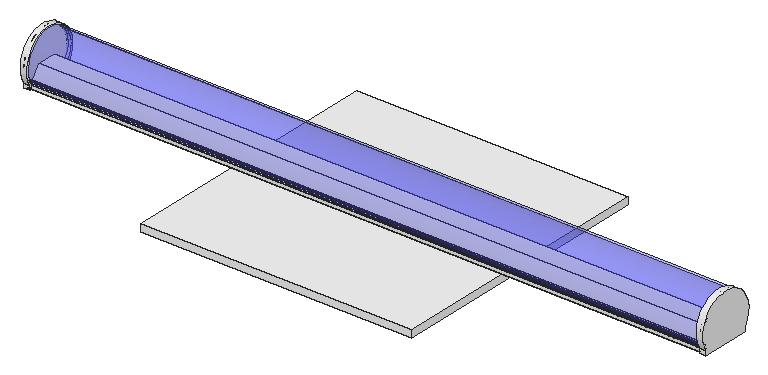
Revit family "BE_50216.1_de_DE", category Leuchten, Revit 2015
Parameters (values of type "BEGA_50216.1_K4")
  built-in parameter 1150104 = 16.36 (stored number, unit not read)
  Wattage = 35.2 W
  Default Elevation = 0 mm
  built-in parameter 1150113 = 1 (stored number, unit not read)
  built-in parameter 1114218 = 1 (stored number, unit not read)
  Umgebungstemperatur = "25 °C"
  URL = "http://www.bega.de/produkt/50216.1"
  Typenkommentare = "© 2017 BEGA. Wir behalten uns das Recht vor, technische Änderungen ohne vorherige Ankündigung vorzunehmen."  # constant formula
  built-in parameter 1150134 = 12
  built-in parameter 1150109 = 1 (stored number, unit not read)
  Strom = ""
  built-in parameter 1150110 = 1 (stored number, unit not read)
  Spannung = 239.996 V
  Sonderanfertigung = no
  Seriennummer [instance] = "Hier können Sie die eindeutige Seriennummer für das Facility Management eintragen."
  Schutzklasse = "I"
  Schutzart = ""
  Scheinlast = 0 VA
  Produktdatenblatt = "http://www.bega.de/download/Xrfa/db/50216.1.db.de.pdf"
  Oberflächentemperatur = ""
  Neigungswinkel = 0.00°
  Modell = "50216.1K4"
  Material_17 = BEGA_Reflektor
  Material_15 = BEGA_Leuchtmedium_matt
  Material_14 = BEGA_Kunststoff_opal
  Material_11 = BEGA_Glas_opal
  Material_09 = BEGA_Glas_klar
  Material_06 = BEGA_Oberfläche_Edelstahl_gebürstet
  Material_05 = BEGA_Oberfläche_Aluminium Guss
  Material_03 = BEGA_Oberfläche_Weiss_matt
  Material_02 = BEGA_Oberfläche_Silber_matt
  Material_01 [instance] = BEGA_Oberfläche_Grafit_matt
  M_W = no
  M_G = no
  M_A = no
  Logo = 0
  built-in parameter 1114217 = 1 (stored number, unit not read)
  built-in parameter 1150139 = (empty or 0)
  built-in parameter 1150105 = 493.28 (stored number, unit not read)
  built-in parameter 1150114 = 1 (stored number, unit not read)
  Lumens = 6198.72 lm
  built-in parameter 1150115 = 1 (stored number, unit not read)
  Leuchtenlichtstrom = "5327 lm"
  Leuchtenanzahl = ""
  Lebensdauerkriterien = "L70B50 @ 25 °C = 331000 h"
  Lastklassifizierung = Beleuchtung
  built-in parameter 1150112 = 1 (stored number, unit not read)
  Lampenlichtstrom = "6200 lm"
  Lampe = "LED 35.2 W"
  LED_Modulbezeichnung = "4x LED-0694/940 "
  Hersteller = "BEGA"  # constant formula
  Halbstreuwinkel = ""
  Gewicht = "2.7 kg"
  Gebrauchslageneinschränkung [instance] = ""
  Frequenz = "0/50-60 Hz"
  Farbwiedergabeindex = "Ra > 90"
  Farbtemperaturverschiebung bei Dämpfen der Lampe = <Keine Auswahl>
  Farbtemperatur = "4000 K"
  Color Filter = 16777215
  built-in parameter 1150133 = 10 (stored number, unit not read)
  Energieeffizienzklasse = "LED A++ - A"
  built-in parameter 1150137 = (empty or 0)
  built-in parameter 1150132 = (empty or 0)
  ENEC = ""
  Dimmbar [instance] = "DALI"
  Datei für fotometrisches Netz = "BE_50216K4.IES"
  CE_Konformität = "ja"
  Bestellnummer = "50216.1K4"
  Beschreibung_Sonderanfertigung = "Hier können Sie Informationen zur Sonderanfertigung eintragen."
  Beschreibung = "Decken- und Wandleuchte"
  built-in parameter 1150106 = 4.9328 (stored number, unit not read)
  Befestigungsbohrung = "Ø 5,5 mm"
  Befestigungsabstand = "900 mm"
  Ballwurfsicher = ""
  BEGA_Intern_aus = yes
  BEGA_Intern_an = yes
  BEGA_Intern_Konstruktion = yes
  BEGA_Intern = yes
  BEGA_IES = yes
  BEGA_Dummy = no
  Anschlussleitung = ""
  Anschlussleistung [instance] = "41 W"
  Anschlusskasten = ""
  built-in parameter 1150107 = 4000 (stored number, unit not read)
  built-in parameter 1150102 = (empty or 0)
  built-in parameter 1150138 = (empty or 0)
  Aktualisierung = "2017-09-29T04:10:01"
  Abstand_zur_angestrahlten_Fläche [instance] = ""
  AC/DC = "AC/DC"
Types (2, lengths in mm): name | built-in parameter 1150104 | built-in parameter 1150134 | Modell | built-in parameter 1150105 | Lumens | Leuchtenlichtstrom | Lampenlichtstrom | LED_Modulbezeichnung | Farbtemperatur | Datei für fotometrisches Netz | Bestellnummer | built-in parameter 1150106 | built-in parameter 1150107
  BEGA_50216.1_K4 | 16.36 (stored number, unit not read) | 12 | "50216.1K4" | 493.28 (stored number, unit not read) | 6198.72 lm | "5327 lm" | "6200 lm" | "4x LED-0694/940 " | "4000 K" | "BE_50216K4.IES" | "50216.1K4" | 4.9328 (stored number, unit not read) | 4000 (stored number, unit not read)
  BEGA_50216.1_K3 | 15.571 (stored number, unit not read) | (empty or 0) | "50216.1" | 469.47 (stored number, unit not read) | 5899.52 lm | "5070 lm" | "5900 lm" | "4x LED-0694/930 " | "3000 K" | "BE_50216.IES" | "50216.1" | 4.6947 (stored number, unit not read) | 3000 (stored number, unit not read)
Reference planes
  plane 1 "Mitte (Vorne/Hinten)": y = 0
  plane 2: z = 0
  plane 3 "Mitte (Links/Rechts)": x = 0
  plane 4 "Links": x = -505
  plane 5 "Rechts": x = 505
  plane 6 "Unten": y = -41.921
  plane 7 "Oben": y = 41.921
  plane 8 "Vorne": z = 71.071
  plane 9 "Hinten": z = 0
Forms (mm)
  Extrusion 1, solid, material "BEGA_Platte_Weiss"
    sketch origin (0, -1119.2, 0) x (1, 0, 0) y (0, 1, 0)
      loop
        line (-200, 1319.2) -> (-200, 919.2) -> (200, 919.2) -> (200, 1319.2) -> (-200, 1319.2)
    from 0 to -10
  Extrusion 2, solid, material "BEGA_Dummy_matt", visible <- "BEGA_Dummy"
    sketch origin (80.095, -76.023, 0) x (1, 0, 0) y (0, 1, 0)
      loop
        line (-585.095, 117.944) -> (-585.095, 34.102) -> (424.905, 34.102) -> (424.905, 117.944) -> (-585.095, 117.944)
    from 0 to 71.071
Dimensions and locks
  plane 1 "Mitte (Vorne/Hinten)" to Extrusion 1 = 200 mm
  aligned and locked: plane 2 to Extrusion 1
  aligned and locked: level to Extrusion 1
Nested families
  nested 1: "BE_50216.1" at (0, 0, 0), type "BE_50216.1"
Connectors
  electrical at (0, 0, 0), driven by "Lastklassifizierung", driven by "Spannung", driven by "Scheinlast"
    settings: index 1, voltage 239.996 V, apparent load 0 VA, apparent load phase1 0 VA, apparent load phase2 0 VA, apparent load phase3 0 VA, power factor 1, load classification "Beleuchtung", number of poles 1, system type 31, power factor state 1, is connector primary yes, connector utility no, sub classification motor no, connector description ""
Definition of nested family "BE_50216.1"
  Parameters (values of type "BE_50216.1")
    Default Elevation = 1 mm
    URL = "http://www.bega.de/de/produkt"
    Type Comments = "© 2015 BEGA. Wir behalten uns das Recht vor, technische Änderungen ohne vorherige Ankündigung vorzunehmen. "  # constant formula
    Type Image = (empty or 0)
    Neigungswinkel_um_Z2 = 0.00°
    Neigungswinkel_um_Z1 = 0.00°
    Neigungswinkel_um_Y2 = 0.00°
    Neigungswinkel_um_Y1 = 0.00°
    Neigungswinkel_um_X2 = 0.00°
    Neigungswinkel_um_X1 = 0.00°
    Material_17 = none
    Material_15 = none
    Material_14 = none
    Material_11 = none
    Material_09 = none
    Material_06 = none
    Material_05 = none
    Material_03 = none
    Material_02 = none
    Material_01 = none
    M_W = yes
    M_G = yes
    M_A = yes
    Länge_Platte = 1200 mm  # constant formula
    Höhe_Platte = -10 mm  # constant formula
    Manufacturer = "BEGA"  # constant formula
    Drehwinkel_um_Z2 = 0.00°
    Drehwinkel_um_Z1 = 0.00°
    Breite_Platte = 200 mm  # constant formula
  Reference planes
    plane 1 "Mitte (Oben/Unten)": y = 0
    plane 2: z = 0
    plane 3 "Mitte (Links/Rechts)": x = 0
    plane 4: z = 71.071
    plane 5: y = 41.921
    plane 6: y = -41.921
    plane 7: x = -505
    plane 8: x = 505
  Forms (mm)
    Extrusion 1, solid, detail levels medium
      sketch origin (0, 0, 0) x (1, 0, 0) y (0, 1, 0)
        loop
          line (-600, 100) -> (-600, -100) -> (600, -100) -> (600, 100) -> (-600, 100)
      from 0 to -10 <- "Höhe_Platte"
    Extrusion 2, solid, material <- "Material_03", detail levels medium+fine
      sketch origin (0, 0, 0) x (0, 1, 0) y (0, 0, 1)
        loop
          line (29.5, 1.05) -> (33.5, 1.05)
          arc (33.5, 1.05) -> (33.854, 1.196) -> (34, 1.55) r 0.5
          line (34, 1.55) -> (34.005, 6.55)
          arc (34.005, 6.55) -> (33.854, 6.904) -> (33.5, 7.05) r 0.5
          line (33.5, 7.05) -> (26.25, 7.05) -> (26.25, 9.05) -> (14.75, 25.75) -> (-14.75, 25.75) -> (-26.25, 9.05) -> (-26.25, 7.05) -> (-33.5, 7.05)
          arc (-33.5, 7.05) -> (-33.854, 6.904) -> (-34, 6.55) r 0.5
          line (-34, 6.55) -> (-34.005, 1.55)
          arc (-34.005, 1.55) -> (-33.854, 1.196) -> (-33.5, 1.05) r 0.5
          line (-33.5, 1.05) -> (-29.5, 1.05)
          arc (-29.5, 1.05) -> (-29.146, 1.196) -> (-29, 1.55) r 0.5
          line (-29, 1.55) -> (-29, 3.75) -> (-15.25, 3.75) -> (-15.25, 17.45) -> (15.25, 17.45) -> (15.25, 3.75) -> (29, 3.75) -> (29, 1.55)
          arc (29, 1.55) -> (29.146, 1.196) -> (29.5, 1.05) r 0.5
      from -500.696 to 500.696
    Extrusion 3, solid, material <- "Material_03", detail levels medium+fine
      sketch origin (0, 0, 0) x (0, 1, 0) y (0, 0, 1)
        loop
          line (35.921, 1.279) -> (35.921, 7.539)
          arc (35.921, 7.539) -> (0, 71.071) -> (-35.921, 7.539) r 41.921
          line (-35.921, 7.539) -> (-35.921, 1.281) -> (35.921, 1.279)
      from 495.197 to 505
    Extrusion 4, solid, material <- "Material_03", detail levels medium+fine
      sketch origin (-200, 0, 0) x (0, 1, 0) y (0, 0, -1)
        loop
          line (35.921, -1.279) -> (-35.921, -1.281) -> (-35.921, -7.539)
          arc (-35.921, -7.539) -> (0, -71.071) -> (35.921, -7.539) r 41.921
          line (35.921, -7.539) -> (35.921, -1.279)
      from 295.131 to 305
    Extrusion 5, void
      sketch origin (-200, 0, 0) x (0, 1, 0) y (0, 0, -1)
        loop
          line (34.005, 0) -> (-34.005, 0) -> (-34.005, -8.308)
          arc (-34.005, -8.308) -> (0, -69.951) -> (34.005, -8.308) r 40.201
          line (34.005, -8.308) -> (34.005, 0)
      from 293.13 to 300.697
    Extrusion 6, solid, material <- "Material_14", detail levels medium+fine
      sketch origin (0, 0, 0) x (0, 1, 0) y (0, 0, 1)
        loop
          arc (-34.253, 8.991) -> (-33.161, 7.935) -> (-31.69, 7.55) r 3
          line (-31.69, 7.55) -> (-28.25, 7.55)
          arc (-28.25, 7.55) -> (-27.25, 8.55) -> (-28.25, 9.55) r 1
          line (-28.25, 9.55) -> (-31.69, 9.55)
          arc (-31.69, 9.55) -> (-32.179, 9.678) -> (-32.543, 10.028) r 1
          arc (-32.543, 10.028) -> (0, 67.648) -> (32.543, 10.028) r 38
          arc (32.543, 10.028) -> (32.179, 9.678) -> (31.69, 9.55) r 1
          line (31.69, 9.55) -> (28.25, 9.55)
          arc (28.25, 9.55) -> (27.25, 8.55) -> (28.25, 7.55) r 1
          line (28.25, 7.55) -> (31.69, 7.55)
          arc (31.69, 7.55) -> (33.161, 7.935) -> (34.253, 8.991) r 3
          arc (34.253, 8.991) -> (0, 69.648) -> (-34.253, 8.991) r 40
      from -500.696 to 500.696
    Extrusion 7, solid, material <- "Material_05", detail levels medium+fine
      sketch origin (0, 0, 0) x (1, 0, 0) y (0, 1, 0)
        loop
          line (463, 28.5) -> (437, 28.5)
          arc (437, 28.5) -> (435.586, 27.914) -> (435, 26.5) r 2
          line (435, 26.5) -> (435, -26.5)
          arc (435, -26.5) -> (435.586, -27.914) -> (437, -28.5) r 2
          line (437, -28.5) -> (463, -28.5)
          arc (463, -28.5) -> (464.414, -27.914) -> (465, -26.5) r 2
          line (465, -26.5) -> (465, 26.5)
          arc (465, 26.5) -> (464.414, 27.914) -> (463, 28.5) r 2
        loop
          arc (-463, 28.5) -> (-464.414, 27.914) -> (-465, 26.5) r 2
          line (-465, 26.5) -> (-465, -26.5)
          arc (-465, -26.5) -> (-464.414, -27.914) -> (-463, -28.5) r 2
          line (-463, -28.5) -> (-437, -28.5)
          arc (-437, -28.5) -> (-435.586, -27.914) -> (-435, -26.5) r 2
          line (-435, -26.5) -> (-435, 26.5)
          arc (-435, 26.5) -> (-435.586, 27.914) -> (-437, 28.5) r 2
          line (-437, 28.5) -> (-463, 28.5)
      from 1.55 to 5
    Extrusion 8, solid, material <- "Material_05", detail levels medium+fine
      sketch origin (0, 0, 0) x (1, 0, 0) y (0, 1, 0)
        loop
          circle (-460.5, 24) r 2
        loop
          circle (-460.5, -24) r 2
        loop
          circle (-439.5, -24) r 2
        loop
          circle (-439.5, 24) r 2
        loop
          circle (439.5, 24) r 2
        loop
          circle (439.5, -24) r 2
        loop
          circle (460.5, -24) r 2
        loop
          circle (460.5, 24) r 2
      from 0 to 3.55
    Extrusion 9, void
      sketch origin (0, 0, 0) x (1, 0, 0) y (0, 1, 0)
        loop
          arc (452.75, 3.25) -> (450, 6) -> (447.25, 3.25) r 2.75
          line (447.25, 3.25) -> (447.25, -3.25)
          arc (447.25, -3.25) -> (450, -6) -> (452.75, -3.25) r 2.75
          line (452.75, -3.25) -> (452.75, 3.25)
        loop
          arc (-446.75, -2.75) -> (-444, 0) -> (-446.75, 2.75) r 2.75
          line (-446.75, 2.75) -> (-453.25, 2.75)
          arc (-453.25, 2.75) -> (-456, 0) -> (-453.25, -2.75) r 2.75
          line (-453.25, -2.75) -> (-446.75, -2.75)
      from 0 to 7
    Revolve 10, void
      sketch origin (0, 0, 0) x (1, 0, 0) y (0, 0, 1)
        loop
          line (-501.9, 32.745) -> (-505.336, 36.181) -> (-505.336, 29.75) -> (-501.9, 29.75) -> (-501.9, 32.745)
        axis (-501.9, 29.75) -> (-505.336, 29.75)
      angle from 0 to 360
    Revolve 11, solid, material <- "Material_06", detail levels fine
      sketch origin (0, 0, 0) x (1, 0, 0) y (0, 0, 1)
        loop
          line (-504.671, 29.75) -> (-501.9, 29.75) -> (-501.9, 32.329) -> (-504.671, 35.1) -> (-504.671, 29.75)
        axis (-501.9, 29.75) -> (-504.671, 29.75)
      angle from 0 to 360
    Extrusion 12, void
      sketch origin (200, 0, 0) x (0, 1, 0) y (0, 0, 1)
        loop
          line (34.005, 0) -> (34.005, 8.308)
          arc (34.005, 8.308) -> (0, 69.951) -> (-34.005, 8.308) r 40.201
          line (-34.005, 8.308) -> (-34.005, 0) -> (34.005, 0)
      from 293.13 to 300.697
  Cuts and joins
    Extrusion 5, Extrusion 12 cuts Extrusion 3
    Extrusion 5, Revolve 10, Extrusion 12 cuts Extrusion 4
    joined: Extrusion 3, Extrusion 4
    Extrusion 9 cuts Extrusion 7
    Extrusion 9 cuts Extrusion 8
    joined: Extrusion 7, Extrusion 8
    Extrusion 9, Revolve 10 cuts Extrusion 2
    Extrusion 9 cuts Extrusion 6
  Dimensions and locks
    equal spacing: Extrusion 1 sketch curve, plane 3 "Mitte (Links/Rechts)", Extrusion 1 sketch curve
    equal spacing: Extrusion 1 sketch curve, plane 1 "Mitte (Oben/Unten)", Extrusion 1 sketch curve
    "Länge_Platte": Extrusion 1 sketch curve to Extrusion 1 sketch curve
    "Breite_Platte": Extrusion 1 sketch curve to Extrusion 1 sketch curve
    aligned and locked: Extrusion 1 to plane 2
    aligned and locked: level to Extrusion 1
  Automatic sketch dimensions
    level to Extrusion 2 sketch curve = 1.55 mm  (x2)
    Extrusion 2 sketch curve to plane 6 = 8.421 mm
    Extrusion 2 sketch curve to Extrusion 2 sketch curve = 0 mm  (x5)
    level to Extrusion 2 sketch curve = 1.05 mm
    Extrusion 2 sketch curve to Extrusion 2 sketch curve = 4 mm  (x2)
    Extrusion 2 sketch curve to Extrusion 2 sketch curve = 0.5 mm  (x6)
    Extrusion 2 sketch curve to Extrusion 2 sketch curve = 2.75 mm  (x2)
    Extrusion 2 sketch curve to Extrusion 2 sketch curve = 11 mm  (x2)
    Extrusion 2 sketch curve to plane 1 "Mitte (Oben/Unten)" = 14.75 mm
    Extrusion 2 sketch curve to Extrusion 2 sketch curve = 4.5 mm
    Extrusion 2 sketch curve to Extrusion 2 sketch curve = 2.2 mm  (x2)
    Extrusion 2 sketch curve to Extrusion 2 sketch curve = 5 mm  (x2)
    Extrusion 2 sketch curve to Extrusion 2 sketch curve = 3.3 mm
    Extrusion 2 sketch curve to Extrusion 2 sketch curve = 2 mm  (x2)
    Extrusion 2 sketch curve to Extrusion 2 sketch curve = 13.7 mm
    Extrusion 2 sketch curve to Extrusion 2 sketch curve = 8.3 mm
    Extrusion 2 sketch curve to Extrusion 2 sketch curve = 0.005 mm  (x2)
    Extrusion 3 sketch curve to plane 1 "Mitte (Oben/Unten)" = 0 mm
    level to Extrusion 3 sketch curve = 1.281 mm
    Extrusion 3 sketch curve to plane 6 = 6 mm
    level to Extrusion 3 sketch curve = 1.279 mm
    Extrusion 3 sketch curve to plane 5 = 6 mm
    Extrusion 3 sketch curve to Extrusion 3 sketch curve = 6.26 mm
    level to Extrusion 3 sketch curve = 29.15 mm
    Extrusion 4 sketch curve to plane 1 "Mitte (Oben/Unten)" = 0 mm
    level to Extrusion 4 sketch curve = 1.281 mm
    Extrusion 4 sketch curve to plane 6 = 6 mm
    level to Extrusion 4 sketch curve = 1.279 mm
    Extrusion 4 sketch curve to plane 5 = 6 mm
    Extrusion 4 sketch curve to Extrusion 4 sketch curve = 6.26 mm
    level to Extrusion 4 sketch curve = 29.15 mm
    Extrusion 5 sketch curve to level = 0 mm
    Extrusion 5 sketch curve to plane 1 "Mitte (Oben/Unten)" = 0 mm
    Extrusion 5 sketch curve to plane 6 = 7.916 mm
    Extrusion 5 sketch curve to plane 5 = 7.916 mm
    Extrusion 5 sketch curve to Extrusion 5 sketch curve = 8.308 mm
    level to Extrusion 5 sketch curve = 29.75 mm
    Extrusion 6 sketch curve to Extrusion 6 sketch curve = 0 mm  (x6)
    Extrusion 6 sketch curve to plane 1 "Mitte (Oben/Unten)" = 0 mm
    Extrusion 6 sketch curve to plane 6 = 13.671 mm
    Extrusion 6 sketch curve to Extrusion 6 sketch curve = 3.44 mm  (x2)
    level to Extrusion 6 sketch curve = 8.55 mm  (x2)
    Extrusion 6 sketch curve to plane 5 = 13.671 mm
    Extrusion 6 sketch curve to Extrusion 6 sketch curve = 1 mm  (x4)
    level to Extrusion 6 sketch curve = 29.648 mm
    Extrusion 6 sketch curve to Extrusion 6 sketch curve = 0.853 mm
    Extrusion 6 sketch curve to Extrusion 6 sketch curve = 1.71 mm
    plane 1 "Mitte (Oben/Unten)" to Extrusion 9 sketch curve = 0 mm
    Extrusion 9 sketch curve to plane 1 "Mitte (Oben/Unten)" = 2.75 mm
    Extrusion 9 sketch curve to Extrusion 9 sketch curve = 6.5 mm
    plane 1 "Mitte (Oben/Unten)" to Extrusion 9 sketch curve = 3.25 mm
    Extrusion 9 sketch curve to Extrusion 9 sketch curve = 2.75 mm
    Extrusion 9 sketch curve to plane 1 "Mitte (Oben/Unten)" = 3.25 mm
    Extrusion 12 sketch curve to level = 0 mm
    Extrusion 12 sketch curve to plane 1 "Mitte (Oben/Unten)" = 0 mm
    Extrusion 12 sketch curve to plane 6 = 7.916 mm
    Extrusion 12 sketch curve to plane 5 = 7.916 mm
    Extrusion 12 sketch curve to Extrusion 12 sketch curve = 8.308 mm
    level to Extrusion 12 sketch curve = 29.75 mm
    Extrusion 7 sketch curve to plane 5 = 15.421 mm  (x2)
    Extrusion 7 sketch curve to Extrusion 7 sketch curve = 2 mm  (x6)
    Extrusion 7 sketch curve to plane 6 = 13.421 mm
    Extrusion 7 sketch curve to Extrusion 7 sketch curve = 26 mm  (x4)
    Extrusion 7 sketch curve to plane 6 = 15.421 mm
    Extrusion 8 sketch curve to plane 6 = 17.921 mm  (x4)
    Extrusion 8 sketch curve to plane 5 = 17.921 mm  (x4)
    Extrusion 8 sketch curve to Extrusion 8 sketch curve = 0 mm  (x2)
    Extrusion 8 sketch curve to Extrusion 8 sketch curve = 21 mm  (x4)
    level to Revolve 11 sketch curve = 35.1 mm
    Revolve 11 sketch curve to Revolve 11 sketch curve = 2.771 mm  (x2)
    Revolve 11 sketch curve to Revolve 11 sketch curve = 2.579 mm
    Revolve 11 sketch curve to Revolve 11 sketch curve = 2.103 mm
    Revolve 11 sketch curve to Revolve 11 sketch curve = 0 mm  (x2)
    plane 4 to Revolve 10 sketch curve = 34.89 mm
    Revolve 10 sketch curve to Revolve 10 sketch curve = 3.436 mm  (x2)
    Revolve 10 sketch curve to Revolve 10 sketch curve = 2.995 mm
    Revolve 10 sketch curve to Revolve 10 sketch curve = 0.405 mm
    Revolve 10 sketch curve to Revolve 10 sketch curve = 0.92 mm
    Revolve 10 sketch curve to Revolve 10 sketch curve = 0 mm
    plane 8 to Extrusion 7 sketch curve = 70 mm
    plane 8 to Extrusion 8 sketch curve = 65.5 mm
    plane 8 to Extrusion 9 sketch curve = 57.75 mm
    plane 7 to Extrusion 7 sketch curve = 70 mm
    plane 7 to Extrusion 8 sketch curve = 65.5 mm
    plane 7 to Extrusion 9 sketch curve = 58.25 mm
    Revolve 10 sketch curve to plane 7 = 0.336 mm
    plane 7 to Revolve 11 sketch curve = 0.329 mm
    radius of Extrusion 8 sketch curve = 2 mm  (x8)
